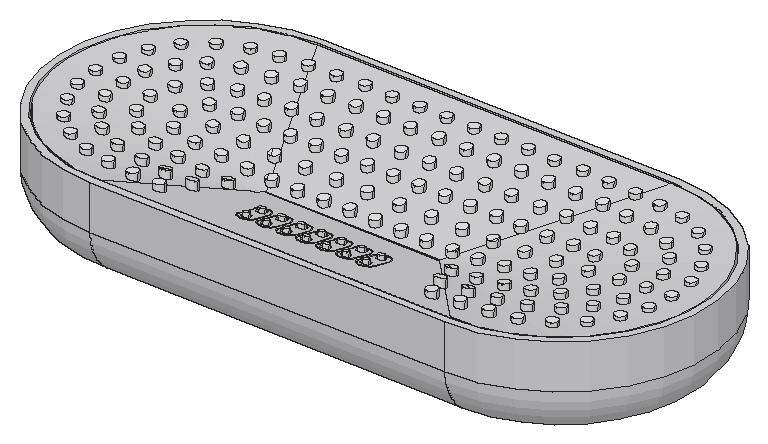
Revit family "Shower-Showerhead-KOHLER-K-26297_1", category Plumbing Fixtures, host Face, Revit 2017 (continued)
Definition of nested family "K-26297"
  Lines and regions (in)
    symbolic lines, detail levels medium+fine
      curve 97: spline (1.02287, -2.15811, 0) -> (1.0251, -2.17874, 0) -> (1.03284, -2.19808, 0) -> (1.04554, -2.21475, 0) -> (1.06231, -2.22757, 0) -> (1.08195, -2.23565, 0) -> (1.1031, -2.2384, 0) -> (1.12424, -2.23565, 0) -> (1.14388, -2.22757, 0) -> (1.16065, -2.21475, 0) -> (1.17335, -2.19808, 0) -> (1.18109, -2.17874, 0) -> (1.18333, -2.15811, 0)
      curve 98: spline (1.18333, -2.15811, 0) -> (1.18109, -2.13748, 0) -> (1.17335, -2.11815, 0) -> (1.16065, -2.10148, 0) -> (1.14388, -2.08865, 0) -> (1.12424, -2.08058, 0) -> (1.1031, -2.07782, 0) -> (1.08195, -2.08058, 0) -> (1.06231, -2.08865, 0) -> (1.04554, -2.10148, 0) -> (1.03284, -2.11815, 0) -> (1.0251, -2.13748, 0) -> (1.02287, -2.15811, 0)
      curve 99: spline (1.22752, -2.15811, 0) -> (1.22406, -2.19011, 0) -> (1.21205, -2.22009, 0) -> (1.19235, -2.24594, 0) -> (1.16635, -2.26583, 0) -> (1.13588, -2.27835, 0) -> (1.1031, -2.28263, 0) -> (1.07031, -2.27835, 0) -> (1.03984, -2.26583, 0) -> (1.01384, -2.24594, 0) -> (0.99414, -2.22009, 0) -> (0.98213, -2.19011, 0) -> (0.97867, -2.15811, 0)
      curve 100: spline (0.97867, -2.15811, 0) -> (0.98213, -2.12611, 0) -> (0.99414, -2.09613, 0) -> (1.01384, -2.07028, 0) -> (1.03984, -2.0504, 0) -> (1.07031, -2.03787, 0) -> (1.1031, -2.0336, 0) -> (1.13588, -2.03787, 0) -> (1.16635, -2.0504, 0) -> (1.19235, -2.07028, 0) -> (1.21205, -2.09613, 0) -> (1.22406, -2.12611, 0) -> (1.22752, -2.15811, 0)
      curve 101: spline (1.18333, -2.69773, 0) -> (1.18109, -2.6771, 0) -> (1.17335, -2.65776, 0) -> (1.16065, -2.6411, 0) -> (1.14388, -2.62827, 0) -> (1.12424, -2.6202, 0) -> (1.1031, -2.61744, 0) -> (1.08195, -2.6202, 0) -> (1.06231, -2.62827, 0) -> (1.04554, -2.6411, 0) -> (1.03284, -2.65776, 0) -> (1.0251, -2.6771, 0) -> (1.02287, -2.69773, 0)
      curve 102: spline (1.02287, -2.69773, 0) -> (1.0251, -2.71836, 0) -> (1.03284, -2.73769, 0) -> (1.04554, -2.75436, 0) -> (1.06231, -2.76719, 0) -> (1.08195, -2.77526, 0) -> (1.1031, -2.77802, 0) -> (1.12424, -2.77526, 0) -> (1.14388, -2.76719, 0) -> (1.16065, -2.75436, 0) -> (1.17335, -2.73769, 0) -> (1.18109, -2.71836, 0) -> (1.18333, -2.69773, 0)
      curve 103: spline (0.97867, -2.69773, 0) -> (0.98213, -2.66573, 0) -> (0.99414, -2.63575, 0) -> (1.01384, -2.6099, 0) -> (1.03984, -2.59001, 0) -> (1.07031, -2.57749, 0) -> (1.1031, -2.57321, 0) -> (1.13588, -2.57749, 0) -> (1.16635, -2.59001, 0) -> (1.19235, -2.6099, 0) -> (1.21205, -2.63575, 0) -> (1.22406, -2.66573, 0) -> (1.22752, -2.69773, 0)
      curve 104: spline (1.22752, -2.69773, 0) -> (1.22406, -2.72973, 0) -> (1.21205, -2.75971, 0) -> (1.19235, -2.78556, 0) -> (1.16635, -2.80544, 0) -> (1.13588, -2.81797, 0) -> (1.1031, -2.82224, 0) -> (1.07031, -2.81797, 0) -> (1.03984, -2.80544, 0) -> (1.01384, -2.78556, 0) -> (0.99414, -2.75971, 0) -> (0.98213, -2.72973, 0) -> (0.97867, -2.69773, 0)
      curve 105: line (0.88549, -2.15417, 0) -> (0.88549, -2.68321, 0)
      curve 106: spline (0.88634, -2.68324, 0) -> (0.89236, -2.73879, 0) -> (0.9132, -2.79083, 0) -> (0.9474, -2.83571, 0) -> (0.99254, -2.87023, 0) -> (1.04544, -2.89197, 0) -> (1.10236, -2.89939, 0) -> (1.15928, -2.89197, 0) -> (1.21218, -2.87023, 0) -> (1.25732, -2.83571, 0) -> (1.29152, -2.79083, 0) -> (1.31237, -2.73879, 0) -> (1.31838, -2.68324, 0)
      curve 107: line (1.31923, -2.68321, 0) -> (1.31923, -2.15417, 0)
      curve 108: spline (1.31838, -2.15415, 0) -> (1.31237, -2.0986, 0) -> (1.29152, -2.04655, 0) -> (1.25732, -2.00168, 0) -> (1.21218, -1.96716, 0) -> (1.15928, -1.94541, 0) -> (1.10236, -1.93799, 0) -> (1.04544, -1.94541, 0) -> (0.99254, -1.96716, 0) -> (0.9474, -2.00168, 0) -> (0.9132, -2.04655, 0) -> (0.89236, -2.0986, 0) -> (0.88634, -2.15415, 0)
      curve 109: line (1.77919, -2.15811, 0) -> (1.77919, -2.69773, 0)
      curve 110: line (1.52986, -2.15813, 0) -> (1.52986, -2.69774, 0)
      curve 111: line (1.88616, -2.68321, 0) -> (1.88616, -2.15417, 0)
      curve 112: arc (1.88616, -2.15417, 0) -> (1.65354, -1.92156, 0) -> (1.42092, -2.15417, 0) r 0.23262
      curve 113: line (1.42092, -2.15417, 0) -> (1.42092, -2.68321, 0)
      curve 114: arc (1.42092, -2.68321, 0) -> (1.65354, -2.91583, 0) -> (1.88616, -2.68321, 0) r 0.23262
      curve 115: spline (1.57405, -2.15811, 0) -> (1.57628, -2.17874, 0) -> (1.58402, -2.19808, 0) -> (1.59672, -2.21475, 0) -> (1.61349, -2.22757, 0) -> (1.63314, -2.23565, 0) -> (1.65428, -2.2384, 0) -> (1.67542, -2.23565, 0) -> (1.69507, -2.22757, 0) -> (1.71183, -2.21475, 0) -> (1.72453, -2.19808, 0) -> (1.73227, -2.17874, 0) -> (1.73451, -2.15811, 0)
      curve 116: spline (1.73451, -2.15811, 0) -> (1.73227, -2.13748, 0) -> (1.72453, -2.11815, 0) -> (1.71183, -2.10148, 0) -> (1.69507, -2.08865, 0) -> (1.67542, -2.08058, 0) -> (1.65428, -2.07782, 0) -> (1.63314, -2.08058, 0) -> (1.61349, -2.08865, 0) -> (1.59672, -2.10148, 0) -> (1.58402, -2.11815, 0) -> (1.57628, -2.13748, 0) -> (1.57405, -2.15811, 0)
      curve 117: spline (1.7787, -2.15811, 0) -> (1.77524, -2.19011, 0) -> (1.76323, -2.22009, 0) -> (1.74354, -2.24594, 0) -> (1.71753, -2.26583, 0) -> (1.68706, -2.27835, 0) -> (1.65428, -2.28263, 0) -> (1.62149, -2.27835, 0) -> (1.59102, -2.26583, 0) -> (1.56502, -2.24594, 0) -> (1.54532, -2.22009, 0) -> (1.53332, -2.19011, 0) -> (1.52986, -2.15811, 0)
      curve 118: spline (1.52986, -2.15811, 0) -> (1.53332, -2.12611, 0) -> (1.54532, -2.09613, 0) -> (1.56502, -2.07028, 0) -> (1.59102, -2.0504, 0) -> (1.62149, -2.03787, 0) -> (1.65428, -2.0336, 0) -> (1.68706, -2.03787, 0) -> (1.71753, -2.0504, 0) -> (1.74354, -2.07028, 0) -> (1.76323, -2.09613, 0) -> (1.77524, -2.12611, 0) -> (1.7787, -2.15811, 0)
      curve 119: spline (1.73451, -2.69773, 0) -> (1.73227, -2.6771, 0) -> (1.72453, -2.65776, 0) -> (1.71183, -2.6411, 0) -> (1.69507, -2.62827, 0) -> (1.67542, -2.6202, 0) -> (1.65428, -2.61744, 0) -> (1.63314, -2.6202, 0) -> (1.61349, -2.62827, 0) -> (1.59672, -2.6411, 0) -> (1.58402, -2.65776, 0) -> (1.57628, -2.6771, 0) -> (1.57405, -2.69773, 0)
      curve 120: spline (1.57405, -2.69773, 0) -> (1.57628, -2.71836, 0) -> (1.58402, -2.73769, 0) -> (1.59672, -2.75436, 0) -> (1.61349, -2.76719, 0) -> (1.63314, -2.77526, 0) -> (1.65428, -2.77802, 0) -> (1.67542, -2.77526, 0) -> (1.69507, -2.76719, 0) -> (1.71183, -2.75436, 0) -> (1.72453, -2.73769, 0) -> (1.73227, -2.71836, 0) -> (1.73451, -2.69773, 0)
      curve 121: spline (1.52986, -2.69773, 0) -> (1.53332, -2.66573, 0) -> (1.54532, -2.63575, 0) -> (1.56502, -2.6099, 0) -> (1.59102, -2.59001, 0) -> (1.62149, -2.57749, 0) -> (1.65428, -2.57321, 0) -> (1.68706, -2.57749, 0) -> (1.71753, -2.59001, 0) -> (1.74354, -2.6099, 0) -> (1.76323, -2.63575, 0) -> (1.77524, -2.66573, 0) -> (1.7787, -2.69773, 0)
      curve 122: spline (1.7787, -2.69773, 0) -> (1.77524, -2.72973, 0) -> (1.76323, -2.75971, 0) -> (1.74354, -2.78556, 0) -> (1.71753, -2.80544, 0) -> (1.68706, -2.81797, 0) -> (1.65428, -2.82224, 0) -> (1.62149, -2.81797, 0) -> (1.59102, -2.80544, 0) -> (1.56502, -2.78556, 0) -> (1.54532, -2.75971, 0) -> (1.53332, -2.72973, 0) -> (1.52986, -2.69773, 0)
      curve 123: line (1.43667, -2.15417, 0) -> (1.43667, -2.68321, 0)
      curve 124: spline (1.43753, -2.68324, 0) -> (1.44354, -2.73879, 0) -> (1.46438, -2.79083, 0) -> (1.49858, -2.83571, 0) -> (1.54373, -2.87023, 0) -> (1.59662, -2.89197, 0) -> (1.65354, -2.89939, 0) -> (1.71046, -2.89197, 0) -> (1.76336, -2.87023, 0) -> (1.8085, -2.83571, 0) -> (1.8427, -2.79083, 0) -> (1.86355, -2.73879, 0) -> (1.86956, -2.68324, 0)
      curve 125: line (1.87041, -2.68321, 0) -> (1.87041, -2.15417, 0)
      curve 126: spline (1.86956, -2.15415, 0) -> (1.86355, -2.0986, 0) -> (1.8427, -2.04655, 0) -> (1.8085, -2.00168, 0) -> (1.76336, -1.96716, 0) -> (1.71046, -1.94541, 0) -> (1.65354, -1.93799, 0) -> (1.59662, -1.94541, 0) -> (1.54373, -1.96716, 0) -> (1.49858, -2.00168, 0) -> (1.46438, -2.04655, 0) -> (1.44354, -2.0986, 0) -> (1.43753, -2.15415, 0)
      curve 127: line (-0.94557, 0, 0.79528) -> (0.94557, 0, 0.79528)
      curve 128: arc (-0.79494, 0, 0.44705) -> (-0.84879, 0, 0.39319) -> (-0.79494, 0, 0.33934) r 0.05385
      curve 129: line (-0.79494, 0, 0.33934) -> (-0.09031, 0, 0.33934)
      curve 130: line (-0.09068, 0, 0.44705) -> (-0.79494, 0, 0.44705)
      curve 131: line (0.79494, 0, 0.44705) -> (0.09068, 0, 0.44705)
      curve 132: arc (0.79494, 0, 0.33934) -> (0.84879, 0, 0.39319) -> (0.79494, 0, 0.44705) r 0.05385
      curve 133: line (0.09031, 0, 0.33934) -> (0.79494, 0, 0.33934)
      curve 134: arc (0, 0, 0.28819) -> (0.10531, 0, 0.3935) -> (0, 0, 0.49881) r 0.10531
      curve 135: arc (0, 0, 0.49881) -> (-0.10531, 0, 0.3935) -> (0, 0, 0.28819) r 0.10531
      curve 136: arc (0, 0, 0.47319) -> (-0.07969, 0, 0.3935) -> (0, 0, 0.31381) r 0.07969
      curve 137: arc (0, 0, 0.31381) -> (0.07969, 0, 0.3935) -> (0, 0, 0.47319) r 0.07969
      curve 138: line (-0.66799, 0, 0.33934) -> (-0.66799, 0, 0.44705)
      curve 139: line (-0.19815, 0, 0.44705) -> (-0.19815, 0, 0.33934)
      curve 140: line (0.19815, 0, 0.33934) -> (0.19815, 0, 0.44705)
      curve 141: line (0.66799, 0, 0.44705) -> (0.66799, 0, 0.33934)
      curve 142: line (-0.94557, 0, 0.03205) -> (0.94557, 0, 0.03205)
      curve 145: circle (0, 3.11243, 0) r 0.14404 normal (0, 0, 1)
      curve 146: circle (0.38349, 2.36942, 0) r 0.14404 normal (0, 0, 1)
      curve 147: circle (0.7502, 3.10763, 0) r 0.14404 normal (0, 0, 1)
      curve 148: circle (0.01285, 1.54978, 0) r 0.14404 normal (0, 0, 1)
      curve 149: circle (0.35658, 0.757, 0) r 0.14404 normal (0, 0, 1)
      curve 150: circle (0.35658, -0.74541, 0) r 0.14404 normal (0, 0, 1)
      curve 151: circle (1.06442, -0.75511, 0) r 0.14404 normal (0, 0, 1)
      curve 152: circle (1.78195, -0.7648, 0) r 0.14404 normal (0, 0, 1)
      curve 153: circle (2.49948, -0.7648, 0) r 0.14404 normal (0, 0, 1)
      curve 154: circle (3.18793, -0.74541, 0) r 0.14404 normal (0, 0, 1)
      curve 155: circle (3.09096, -1.53082, 0) r 0.14404 normal (0, 0, 1)
      curve 156: circle (3.7988, -1.55021, 0) r 0.14404 normal (0, 0, 1)
      curve 157: circle (3.43034, -2.33562, 0) r 0.14404 normal (0, 0, 1)
      curve 158: circle (3.76971, -3.06285, 0) r 0.14404 normal (0, 0, 1)
      curve 159: circle (4.52603, -3.03376, 0) r 0.14404 normal (0, 0, 1)
      curve 160: circle (4.18665, -2.32592, 0) r 0.14404 normal (0, 0, 1)
      curve 161: circle (4.51633, -1.49203, 0) r 0.14404 normal (0, 0, 1)
      curve 162: circle (4.91388, -2.23866, 0) r 0.14404 normal (0, 0, 1)
      curve 163: circle (5.26295, -2.95619, 0) r 0.14404 normal (0, 0, 1)
      curve 164: circle (5.97079, -2.83983, 0) r 0.14404 normal (0, 0, 1)
      curve 165: circle (5.6702, -2.13199, 0) r 0.14404 normal (0, 0, 1)
      curve 166: circle (6.35865, -1.81201, 0) r 0.14404 normal (0, 0, 1)
      curve 167: circle (6.66893, -2.51985, 0) r 0.14404 normal (0, 0, 1)
      curve 168: circle (6.83813, -1.32138, 0) r 0.14404 normal (0, 0, 1)
      curve 169: circle (7.25072, -2.03503, 0) r 0.14404 normal (0, 0, 1)
      curve 170: circle (7.65215, -1.39943, 0) r 0.14404 normal (0, 0, 1)
      curve 171: circle (7.90862, -0.73038, 0) r 0.14404 normal (0, 0, 1)
      curve 172: circle (7.17266, -0.68578, 0) r 0.14404 normal (0, 0, 1)
      curve 173: circle (6.32519, -0.66348, 0) r 0.14404 normal (0, 0, 1)
      curve 174: circle (5.84571, -1.19872, 0) r 0.14404 normal (0, 0, 1)
      curve 175: circle (5.19896, -1.42173, 0) r 0.14404 normal (0, 0, 1)
      curve 176: circle (5.33277, -0.61887, 0) r 0.14404 normal (0, 0, 1)
      curve 177: circle (4.64142, -0.74153, 0) r 0.14404 normal (0, 0, 1)
      curve 178: circle (3.91661, -0.73038, 0) r 0.14404 normal (0, 0, 1)
      curve 179: circle (2.49948, 0.7648, 0) r 0.14404 normal (0, 0, -1)
      curve 180: circle (3.18793, 0.74541, 0) r 0.14404 normal (0, 0, -1)
      curve 181: circle (3.09096, 1.53082, 0) r 0.14404 normal (0, 0, -1)
      curve 182: circle (3.7988, 1.55021, 0) r 0.14404 normal (0, 0, -1)
      curve 183: circle (3.43034, 2.33562, 0) r 0.14404 normal (0, 0, -1)
      curve 184: circle (3.76971, 3.06285, 0) r 0.14404 normal (0, 0, -1)
      curve 185: circle (4.52603, 3.03376, 0) r 0.14404 normal (0, 0, -1)
      curve 186: circle (4.18665, 2.32592, 0) r 0.14404 normal (0, 0, -1)
      curve 187: circle (4.51633, 1.49203, 0) r 0.14404 normal (0, 0, -1)
      curve 188: circle (4.91388, 2.23866, 0) r 0.14404 normal (0, 0, -1)
      curve 189: circle (5.26295, 2.95619, 0) r 0.14404 normal (0, 0, -1)
      curve 190: circle (5.97079, 2.83983, 0) r 0.14404 normal (0, 0, -1)
      curve 191: circle (5.6702, 2.13199, 0) r 0.14404 normal (0, 0, -1)
      curve 192: circle (6.35865, 1.81201, 0) r 0.14404 normal (0, 0, -1)
      curve 193: circle (6.66893, 2.51985, 0) r 0.14404 normal (0, 0, -1)
      curve 194: circle (6.83813, 1.32138, 0) r 0.14404 normal (0, 0, -1)
      curve 195: circle (7.25072, 2.03503, 0) r 0.14404 normal (0, 0, -1)
      curve 196: circle (7.65215, 1.39943, 0) r 0.14404 normal (0, 0, -1)
      curve 197: circle (7.90862, 0.73038, 0) r 0.14404 normal (0, 0, -1)
      curve 198: circle (7.17266, 0.68578, 0) r 0.14404 normal (0, 0, -1)
      curve 199: circle (6.32519, 0.66348, 0) r 0.14404 normal (0, 0, -1)
      curve 200: circle (5.84571, 1.19872, 0) r 0.14404 normal (0, 0, -1)
      curve 201: circle (5.19896, 1.42173, 0) r 0.14404 normal (0, 0, -1)
      curve 202: circle (5.33277, 0.61887, 0) r 0.14404 normal (0, 0, -1)
      curve 203: circle (4.64142, 0.74153, 0) r 0.14404 normal (0, 0, -1)
      curve 204: circle (3.91661, 0.73038, 0) r 0.14404 normal (0, 0, -1)
      curve 205: circle (0.44579, -0.0206, 0) r 0.14404 normal (0, 0, 1)
      curve 206: circle (1.31555, -0.00945, 0) r 0.14404 normal (0, 0, 1)
      curve 207: circle (2.17417, -0.00945, 0) r 0.14404 normal (0, 0, 1)
      curve 208: circle (3.02163, -0.00945, 0) r 0.14404 normal (0, 0, 1)
      curve 209: circle (3.8914, 0.0017, 0) r 0.14404 normal (0, 0, 1)
      curve 210: circle (4.75001, 0.01285, 0) r 0.14404 normal (0, 0, 1)
      curve 211: circle (5.65323, 0.0017, 0) r 0.14404 normal (0, 0, 1)
      curve 212: circle (6.48955, 0.01285, 0) r 0.14404 normal (0, 0, 1)
      curve 213: circle (7.23666, 0.01285, 0) r 0.14404 normal (0, 0, 1)
      curve 214: circle (7.97261, -0.0206, 0) r 0.14404 normal (0, 0, 1)
      curve 215: circle (1.07411, 0.7648, 0) r 0.14404 normal (0, 0, -1)
      curve 216: circle (1.78195, 0.75511, 0) r 0.14404 normal (0, 0, -1)
      curve 217: circle (1.54923, 1.55021, 0) r 0.14404 normal (0, 0, -1)
      curve 218: circle (0.76383, 1.54051, 0) r 0.14404 normal (0, 0, -1)
      curve 219: circle (1.15168, 2.35501, 0) r 0.14404 normal (0, 0, -1)
      curve 220: circle (1.908, 2.36471, 0) r 0.14404 normal (0, 0, -1)
      curve 221: circle (2.66432, 2.35501, 0) r 0.14404 normal (0, 0, -1)
      curve 222: circle (2.29586, 1.54051, 0) r 0.14404 normal (0, 0, -1)
      curve 223: circle (3.01339, 3.11133, 0) r 0.14404 normal (0, 0, -1)
      curve 224: circle (2.24738, 3.08224, 0) r 0.14404 normal (0, 0, -1)
      curve 225: circle (1.50075, 3.11133, 0) r 0.14404 normal (0, 0, -1)
      curve 226: circle (-0.38349, 2.36942, 0) r 0.14404 normal (0, 0, -1)
      curve 227: circle (-0.7502, 3.10763, 0) r 0.14404 normal (0, 0, -1)
      curve 228: circle (-0.35658, 0.757, 0) r 0.14404 normal (0, 0, -1)
      curve 229: circle (-0.35658, -0.74541, 0) r 0.14404 normal (0, 0, -1)
      curve 230: circle (-1.06442, -0.75511, 0) r 0.14404 normal (0, 0, -1)
      curve 231: circle (-1.78195, -0.7648, 0) r 0.14404 normal (0, 0, -1)
      curve 232: circle (-2.49948, -0.7648, 0) r 0.14404 normal (0, 0, -1)
      curve 233: circle (-3.18793, -0.74541, 0) r 0.14404 normal (0, 0, -1)
      curve 234: circle (-3.09096, -1.53082, 0) r 0.14404 normal (0, 0, -1)
      curve 235: circle (-3.7988, -1.55021, 0) r 0.14404 normal (0, 0, -1)
      curve 236: circle (-3.43034, -2.33562, 0) r 0.14404 normal (0, 0, -1)
      curve 237: circle (-3.76971, -3.06285, 0) r 0.14404 normal (0, 0, -1)
      curve 238: circle (-4.52603, -3.03376, 0) r 0.14404 normal (0, 0, -1)
      curve 239: circle (-4.18665, -2.32592, 0) r 0.14404 normal (0, 0, -1)
      curve 240: circle (-4.51633, -1.49203, 0) r 0.14404 normal (0, 0, -1)
      curve 241: circle (-4.91388, -2.23866, 0) r 0.14404 normal (0, 0, -1)
      curve 242: circle (-5.26295, -2.95619, 0) r 0.14404 normal (0, 0, -1)
      curve 243: circle (-5.97079, -2.83983, 0) r 0.14404 normal (0, 0, -1)
      curve 244: circle (-5.6702, -2.13199, 0) r 0.14404 normal (0, 0, -1)
      curve 245: circle (-6.35865, -1.81201, 0) r 0.14404 normal (0, 0, -1)
      curve 246: circle (-6.66893, -2.51985, 0) r 0.14404 normal (0, 0, -1)
      curve 247: circle (-6.83813, -1.32138, 0) r 0.14404 normal (0, 0, -1)
      curve 248: circle (-7.25072, -2.03503, 0) r 0.14404 normal (0, 0, -1)
      curve 249: circle (-7.65215, -1.39943, 0) r 0.14404 normal (0, 0, -1)
      curve 250: circle (-7.90862, -0.73038, 0) r 0.14404 normal (0, 0, -1)
      curve 251: circle (-7.17266, -0.68578, 0) r 0.14404 normal (0, 0, -1)
      curve 252: circle (-6.32519, -0.66348, 0) r 0.14404 normal (0, 0, -1)
      curve 253: circle (-5.84571, -1.19872, 0) r 0.14404 normal (0, 0, -1)
      curve 254: circle (-5.19896, -1.42173, 0) r 0.14404 normal (0, 0, -1)
      curve 255: circle (-5.33277, -0.61887, 0) r 0.14404 normal (0, 0, -1)
      curve 256: circle (-4.64142, -0.74153, 0) r 0.14404 normal (0, 0, -1)
      curve 257: circle (-3.91661, -0.73038, 0) r 0.14404 normal (0, 0, -1)
      curve 258: circle (-2.49948, 0.7648, 0) r 0.14404 normal (0, 0, 1)
      curve 259: circle (-3.18793, 0.74541, 0) r 0.14404 normal (0, 0, 1)
      curve 260: circle (-3.09096, 1.53082, 0) r 0.14404 normal (0, 0, 1)
      curve 261: circle (-3.7988, 1.55021, 0) r 0.14404 normal (0, 0, 1)
      curve 262: circle (-3.43034, 2.33562, 0) r 0.14404 normal (0, 0, 1)
      curve 263: circle (-3.76971, 3.06285, 0) r 0.14404 normal (0, 0, 1)
      curve 264: circle (-4.52603, 3.03376, 0) r 0.14404 normal (0, 0, 1)
      curve 265: circle (-4.18665, 2.32592, 0) r 0.14404 normal (0, 0, 1)
      curve 266: circle (-4.51633, 1.49203, 0) r 0.14404 normal (0, 0, 1)
      curve 267: circle (-4.91388, 2.23866, 0) r 0.14404 normal (0, 0, 1)
      curve 268: circle (-5.26295, 2.95619, 0) r 0.14404 normal (0, 0, 1)
      curve 269: circle (-5.97079, 2.83983, 0) r 0.14404 normal (0, 0, 1)
      curve 270: circle (-5.6702, 2.13199, 0) r 0.14404 normal (0, 0, 1)
      curve 271: circle (-6.35865, 1.81201, 0) r 0.14404 normal (0, 0, 1)
      curve 272: circle (-6.66893, 2.51985, 0) r 0.14404 normal (0, 0, 1)
      curve 273: circle (-6.83813, 1.32138, 0) r 0.14404 normal (0, 0, 1)
      curve 274: circle (-7.25072, 2.03503, 0) r 0.14404 normal (0, 0, 1)
      curve 275: circle (-7.65215, 1.39943, 0) r 0.14404 normal (0, 0, 1)
      curve 276: circle (-7.90862, 0.73038, 0) r 0.14404 normal (0, 0, 1)
      curve 277: circle (-7.17266, 0.68578, 0) r 0.14404 normal (0, 0, 1)
      curve 278: circle (-6.32519, 0.66348, 0) r 0.14404 normal (0, 0, 1)
      curve 279: circle (-5.84571, 1.19872, 0) r 0.14404 normal (0, 0, 1)
      curve 280: circle (-5.19896, 1.42173, 0) r 0.14404 normal (0, 0, 1)
      curve 281: circle (-5.33277, 0.61887, 0) r 0.14404 normal (0, 0, 1)
      curve 282: circle (-4.64142, 0.74153, 0) r 0.14404 normal (0, 0, 1)
      curve 283: circle (-3.91661, 0.73038, 0) r 0.14404 normal (0, 0, 1)
      curve 284: circle (-0.44579, -0.0206, 0) r 0.14404 normal (0, 0, -1)
      curve 285: circle (-1.31555, -0.00945, 0) r 0.14404 normal (0, 0, -1)
      curve 286: circle (-2.17417, -0.00945, 0) r 0.14404 normal (0, 0, -1)
      curve 287: circle (-3.02163, -0.00945, 0) r 0.14404 normal (0, 0, -1)
      curve 288: circle (-3.8914, 0.0017, 0) r 0.14404 normal (0, 0, -1)
      curve 289: circle (-4.75001, 0.01285, 0) r 0.14404 normal (0, 0, -1)
      curve 290: circle (-5.65323, 0.0017, 0) r 0.14404 normal (0, 0, -1)
      curve 291: circle (-6.48955, 0.01285, 0) r 0.14404 normal (0, 0, -1)
      curve 292: circle (-7.23666, 0.01285, 0) r 0.14404 normal (0, 0, -1)
      curve 293: circle (-7.97261, -0.0206, 0) r 0.14404 normal (0, 0, -1)
      curve 294: circle (-1.07411, 0.7648, 0) r 0.14404 normal (0, 0, 1)
      curve 295: circle (-1.78195, 0.75511, 0) r 0.14404 normal (0, 0, 1)
      curve 296: circle (-1.54923, 1.55021, 0) r 0.14404 normal (0, 0, 1)
      curve 297: circle (-0.76383, 1.54051, 0) r 0.14404 normal (0, 0, 1)
      curve 298: circle (-1.15168, 2.35501, 0) r 0.14404 normal (0, 0, 1)
      curve 299: circle (-1.908, 2.36471, 0) r 0.14404 normal (0, 0, 1)
      curve 300: circle (-2.66432, 2.35501, 0) r 0.14404 normal (0, 0, 1)
      curve 301: circle (-2.29586, 1.54051, 0) r 0.14404 normal (0, 0, 1)
      curve 302: circle (-3.01339, 3.11133, 0) r 0.14404 normal (0, 0, 1)
      curve 303: circle (-2.24738, 3.08224, 0) r 0.14404 normal (0, 0, 1)
      curve 304: circle (-1.50075, 3.11133, 0) r 0.14404 normal (0, 0, 1)
      curve 305: line (-4.91948, 3.83661, 0) -> (4.91948, 3.83661, 0)
      curve 306: arc (4.91948, 3.83661, 0) -> (8.75609, 0, 0) -> (4.91948, -3.83661, 0) r 3.83661
      curve 307: line (4.91948, -3.83661, 0) -> (-4.91948, -3.83661, 0)
      curve 308: arc (-4.91948, -3.83661, 0) -> (-8.75609, 0, 0) -> (-4.91948, 3.83661, 0) r 3.83661
      curve 309: line (-4.91948, 3.78543, 0) -> (4.91948, 3.78543, 0)
      curve 310: arc (4.91948, 3.78543, 0) -> (8.70491, 0, 0) -> (4.91948, -3.78543, 0) r 3.78543
      curve 311: line (4.91948, -3.78543, 0) -> (-4.91948, -3.78543, 0)
      curve 312: arc (-4.91948, -3.78543, 0) -> (-8.70491, 0, 0) -> (-4.91948, 3.78543, 0) r 3.78543
      curve 313: line (2.4246, -1.06859, 0) -> (-2.4246, -1.06859, 0)
      curve 314: line (-2.42478, -1.11253, 0) -> (2.4246, -1.11253, 0)
      curve 315: line (2.4246, -1.11253, 0) -> (3.41373, -2.19254, 0)
      curve 316: line (2.4246, -1.11253, 0) -> (2.4246, -1.06859, 0)
      curve 317: line (4.89345, 3.78543, 0) -> (4.57922, 3.16762, 0)
      curve 318: line (-2.42478, -1.11253, 0) -> (-3.41383, -2.19253, 0)
      curve 319: line (3.57141, -2.3647, 0) -> (4.8726, -3.78543, 0)
      curve 320: line (2.50592, -0.9087, 0) -> (2.4246, -1.06859, 0)
      curve 321: line (2.91439, -0.10561, 0) -> (2.61957, -0.68526, 0)
      curve 322: line (3.70222, 1.44335, 0) -> (3.03618, 0.13385, 0)
      curve 323: line (4.09472, 2.21504, 0) -> (3.82828, 1.6912, 0)
      curve 324: line (4.44917, 2.91194, 0) -> (4.22212, 2.46553, 0)
      curve 325: line (-4.89345, 3.78543, 0) -> (-4.57922, 3.16762, 0)
      curve 326: line (-2.50592, -0.9087, 0) -> (-2.4246, -1.06859, 0)
      curve 327: line (-2.91439, -0.10561, 0) -> (-2.61957, -0.68526, 0)
      curve 328: line (-3.70222, 1.44335, 0) -> (-3.03618, 0.13385, 0)
      curve 329: line (-4.09472, 2.21504, 0) -> (-3.82828, 1.6912, 0)
      curve 330: line (-4.44917, 2.91194, 0) -> (-4.22212, 2.46553, 0)
      curve 331: line (-3.57143, -2.36461, 0) -> (-4.87261, -3.78543, 0)
    symbolic lines, detail levels fine
      curve 143: line (0, -0.47727, 0.0315) -> (0, 0.47706, 0.0315)
      curve 144: line (0, 0.47733, 0.79528) -> (0, -0.47733, 0.79528)
  Dimensions and locks (in)
    plane 7 to level = 3.41339"
    plane 5 to plane 4 = 8.06693"
    plane 7 to plane 6 = 2.61811"
    plane 8 to plane 9 = 0.86614"
    aligned and locked: plane 2 to level
Types (6): name | Type | Model | Finish
  (no name) | 1 | "K-26297-CP" | KOHLER-Plastic-CP-Polished_Chrome
  2.5 GPM, CP-Polished Chrome | 1 | "K-26297-CP" | KOHLER-Plastic-CP-Polished_Chrome
  2.5 GPM, BN-Vibrant Brushed Nickel | 2 | "K-26297-BN" | KOHLER-Plastic-BN-Vibrant_Brushed_Nickel
  2.5 GPM, BL-Matte Black | 3 | "K-26297-BL" | KOHLER-Plastic-BL-Matte_Black
  2.5 GPM, 2MB-Vibrant Brushed Moderne Brass | 4 | "K-26297-2MB" | KOHLER-Plastic-2MB-Vibrant_Brushed_Moderne_Brass
  2.5 GPM, SN-Vibrant Polished Nickel | 5 | "K-26297-SN" | KOHLER-Plastic-SN-Vibrant_Polished_Nickel
